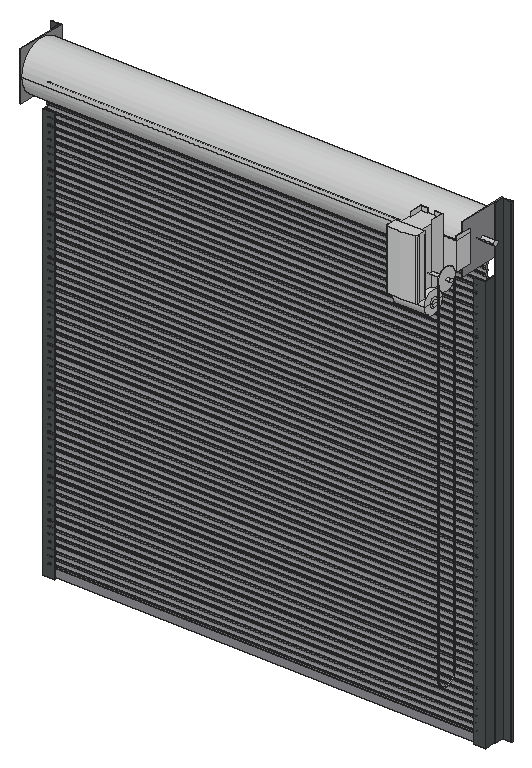
Revit family "Doors_Industrial_Overhead-Door-Corporation_Rolling-Steel-Service-Doors-610_", category Specialty Equipment, host Wall, Revit 2019 (continued)
Definition of nested family "Motor"
  Definition of nested family "2D_NotScalableMain_29e791da-3db9-4234-ab15-44456784202b"
    Lines and regions (in)
      Masking region 1, in view "Ref. Level", visible <- "Not Top + Bench"
        outline origin (0, 0, 0) x (1, 0, 0) y (0, 1, 0)
          loop
            line (4.3324, -5.3122) -> (4.3324, -5.05565) -> (4.116, -5.05565) -> (4.116, -3.22517) -> (4.57, -3.22517) -> (4.57, -1.27241) -> (4.799, -1.27241) -> (4.799, -0.84111) -> (5.199, -0.84111) -> (5.199, 0.79) -> (7.2495, 0.79) -> (7.2495, -1.81) -> (7.52, -1.81) -> (7.52, 0.79) -> (8.82, 0.79) -> (8.82, 1.59) -> (7.52, 1.59) -> (7.52, 4.19) -> (7.2495, 4.19) -> (7.2495, 1.59) -> (4.57, 1.59) -> (4.57, 3.22517) -> (2.988, 3.22517) -> (2.988, 4.96193) -> (-2.988, 4.96193) -> (-2.988, 3.22517) -> (-4.5757, 3.22517) -> (-4.5757, 1.86661) -> (-5.42825, 1.86661) -> (-5.5274, 1.76746) -> (-5.5274, 0.30491) -> (-5.7485, 0.30491) -> (-5.7485, 0.96741) -> (-6.9985, 0.96741) -> (-6.9985, -0.96741)
      Masking region 2, in view "Ref. Level", visible <- "Fire King Face Mount"
        outline origin (0, 0, 0) x (1, 0, 0) y (0, 1, 0)
          loop
            circle (0, 1.59) r 2.87397
          loop
            line (-2.988, 7.80693) -> (-2.988, 4.96193) -> (2.988, 4.96193) -> (2.988, 7.80693) -> (0.82, 7.80693) -> (0.82, 16.89193) -> (0.57, 16.89193) -> (0.57, 7.80693) -> (-2.988, 7.80693)
      Masking region 3, in view "Ref. Level", visible <- "Face Mount"
        outline origin (0, 0, 0) x (1, 0, 0) y (0, 1, 0)
          loop
            line (-3.108, 1.46193) -> (-2.988, 1.46193) -> (-2.988, 4.96193) -> (2.988, 4.96193) -> (2.988, 1.46193) -> (3.108, 1.46193) -> (3.108, 5.08193) -> (7.2495, 5.08193) -> (7.2495, 9.82193) -> (6.8795, 9.82193) -> (6.8795, 5.33193) -> (7.1295, 5.33193) -> (7.1295, 5.20193) -> (-2.988, 5.20193) -> (-2.988, 5.08193) -> (-3.108, 5.08193) -> (-3.108, 1.46193)
      Masking region 4, in view "Ref. Level", visible <- "Top + Bench"
        outline origin (0, 0, 0) x (1, 0, 0) y (0, 1, 0)
          loop
            line (-6.9985, -0.96741) -> (-5.7485, -0.96741) -> (-5.7485, -0.30491) -> (-5.5274, -0.30491) -> (-5.5274, -1.76746) -> (-5.42825, -1.86661) -> (-4.5757, -1.86661) -> (-4.5757, -3.22517) -> (4.57, -3.22517) -> (4.57, -1.27241) -> (4.799, -1.27241) -> (4.799, -0.84111) -> (5.199, -0.84111) -> (5.199, 0.84111) -> (4.799, 0.84111) -> (4.799, 1.27241) -> (4.57, 1.27241) -> (4.57, 3.22034) -> (4.3324, 3.22034) -> (4.3324, 6.13) -> (7.2495, 6.13) -> (7.2495, 3.53) -> (7.52, 3.53) -> (7.52, 6.13) -> (8.82, 6.13) -> (8.82, 6.93) -> (7.52, 6.93) -> (7.52, 9.53) -> (7.2495, 9.53) -> (7.2495, 6.93) -> (4.3324, 6.93) -> (4.3324, 19.24819) -> (3.108, 19.24819) -> (3.108, 20.0298) -> (0.988, 20.0298) -> (0.988, 19.24819) -> (-0.988, 19.24819) -> (-0.988, 20.0298) -> (-3.108, 20.0298) -> (-3.108, 19.24819) -> (-4.3324, 19.24819) -> (-4.3324, 3.22517) -> (-4.5757, 3.22517) -> (-4.5757, 1.86661) -> (-5.42825, 1.86661) -> (-5.5274, 1.76746) -> (-5.5274, 0.30491) -> (-5.7485, 0.30491) -> (-5.7485, 0.96741) -> (-6.9985, 0.96741) -> (-6.9985, -0.96741)
      Masking region 5, in view "Ref. Level", visible <- "Top Mount"
        outline origin (0, 0, 0) x (1, 0, 0) y (0, 1, 0)
          loop
            line (4.3324, 14.55771) -> (4.3324, 6.93) -> (7.2495, 6.93) -> (7.2495, 14.55771) -> (7.1295, 14.55771) -> (7.1295, 15.55771) -> (6.8795, 15.55771) -> (6.8795, 14.55771) -> (4.3324, 14.55771)
      Masking region 6, in view "Ref. Level", visible <- "Wall Mount"
        outline origin (0, 0, 0) x (1, 0, 0) y (0, 1, 0)
          loop
            line (-4.988, 4.96193) -> (-3.108, 4.96193) -> (-3.108, 1.46193) -> (-2.988, 1.46193) -> (-2.988, 5.08193) -> (-4.988, 5.08193) -> (-4.988, 4.96193)
          loop
            line (2.988, 1.46193) -> (3.108, 1.46193) -> (3.108, 4.96193) -> (4.988, 4.96193) -> (4.988, 5.08193) -> (2.988, 5.08193) -> (2.988, 1.46193)
      Masking region 7, in view "Ref. Level", visible <- "Bench Mount"
        outline origin (0, 0, 0) x (1, 0, 0) y (0, 1, 0)
          loop
            line (-7.24, 9.2698) -> (-7.1205, 9.2698) -> (-7.1205, 9.1098) -> (-4.3324, 9.1098) -> (-4.3324, 17.4298) -> (-7.1205, 17.4298) -> (-7.1205, 17.2698) -> (-7.24, 17.2698) -> (-7.24, 9.2698)
      Masking region 8, in view "Ref. Level", visible <- "Chain Hoist"
        outline origin (0, -6.98957, 0) x (1, 0, 0) y (0, 1, 0)
          loop
            line (4.7396, 6.58957) -> (7.2495, 6.58957) -> (7.2495, 3.98957) -> (7.52, 3.98957) -> (7.52, 6.58957) -> (8.82, 6.58957) -> (8.82, 7.38957) -> (7.52, 7.38957) -> (7.52, 9.98957) -> (7.2495, 9.98957) -> (7.2495, 7.38957) -> (4.7396, 7.38957) -> (4.7396, 6.58957)
      reference lines, in view "Ref. Level"
        curve 1: line (0, 0, 0) -> (0, 0.125, 0)
        curve 2: line (0, 0, 0) -> (0.125, 0, 0)
      detail lines, in view "Ref. Level", visible <- "Not Top + Bench"
        curve 3: line (7.2495, 4.19, 0) -> (7.2495, -1.81, 0)
        curve 4: line (7.52, 4.19, 0) -> (7.52, -1.81, 0)
        curve 5: line (-4.134, -2.29347, 0) -> (-4.134, -5.05565, 0)
        curve 6: line (4.116, -2.29347, 0) -> (4.116, -5.05565, 0)
        curve 7: line (-4.134, -2.41307, 0) -> (4.116, -2.41307, 0)
        curve 8: line (4.116, -2.29347, 0) -> (3.108, -2.29347, 0)
        curve 9: line (2.988, -2.17347, 0) -> (2.988, 4.96193, 0)
        curve 10: line (2.988, 4.96193, 0) -> (-2.988, 4.96193, 0)
        curve 11: line (-2.988, 4.96193, 0) -> (-2.988, -2.17347, 0)
        curve 12: arc (-2.988, -2.17347, 0) -> (-3.02315, -2.25832, 0) -> (-3.108, -2.29347, 0) r 0.12
        curve 13: arc (3.108, -2.29347, 0) -> (3.02315, -2.25832, 0) -> (2.988, -2.17347, 0) r 0.12
        curve 14: line (4.57, -3.22517, 0) -> (4.57, 0.77483, 0)
        curve 15: line (4.799, -1.27241, 0) -> (4.799, 0.77483, 0)
        curve 16: line (5.199, -0.84111, 0) -> (5.199, 0.77483, 0)
        curve 17: line (-4.5757, -3.22517, 0) -> (-4.5757, 3.22517, 0)
        curve 18: line (-5.42825, -1.86661, 0) -> (-5.42825, 1.86661, 0)
        curve 19: line (-5.5274, 1.76746, 0) -> (-5.5274, -1.76746, 0)
        curve 20: line (-5.7485, -0.96741, 0) -> (-5.7485, 0.96741, 0)
        curve 25: line (-4.116, -2.29347, 0) -> (-3.108, -2.29347, 0)
        curve 26: line (5.199, 0.77483, 0) -> (2.988, 0.77483, 0)
        curve 27: line (4.57, 1.59, 0) -> (3.108, 1.59, 0)
      detail lines, in view "Ref. Level", visible <- "Fire King Face Mount"
        curve 21: circle (0, 1.59, 0) r 1.29967 normal (0, 0, 1)
        curve 22: circle (0, 1.59, 0) r 0.87193 normal (0, 0, 1)
        curve 23: line (-2.988, 7.80693, 0) -> (2.988, 7.80693, 0)
        curve 24: line (-2.988, 7.685, 0) -> (2.988, 7.685, 0)
      detail lines, in view "Ref. Level", visible <- "Top + Bench"
        curve 28: line (-4.5757, -3.22517, 0) -> (-4.5757, 3.22517, 0)
        curve 29: line (-5.42825, 1.86661, 0) -> (-5.42825, -1.86661, 0)
        curve 30: line (-5.5274, 1.76746, 0) -> (-5.5274, -1.76746, 0)
        curve 31: line (-5.7485, -0.96741, 0) -> (-5.7485, 0.96741, 0)
        curve 32: line (-4.3324, 1.8898, 0) -> (-4.3324, 19.24819, 0)
        curve 33: line (-4.3324, 1.8898, 0) -> (4.3324, 1.8898, 0)
        curve 34: line (4.3324, 1.8898, 0) -> (4.3324, 19.24819, 0)
        curve 35: line (4.57, 3.22517, 0) -> (4.57, -3.22517, 0)
        curve 36: line (4.799, 1.27241, 0) -> (4.799, -1.22759, 0)
        curve 41: line (2.988, 20.0298, 0) -> (2.988, 19.24819, 0)
        curve 42: line (-2.988, 20.0298, 0) -> (-2.988, 19.24819, 0)
        curve 43: line (-3.108, 19.24819, 0) -> (-0.988, 19.24819, 0)
        curve 44: line (0.988, 19.24819, 0) -> (3.108, 19.24819, 0)
      detail lines, in view "Ref. Level", visible <- "Chain Hoist"
        curve 37: line (7.2495, 3, 0) -> (7.2495, -3, 0)
        curve 38: line (7.52, -3, 0) -> (7.52, 3, 0)
      detail lines, in view "Ref. Level", visible <- "Bench Mount"
        curve 39: line (-7.1205, 17.4298, 0) -> (-7.1205, 9.1098, 0)
        curve 40: line (-6.9985, 17.4298, 0) -> (-6.9985, 9.1098, 0)
    Dimensions and locks (in)
      curve 1 to curve 1 = 1/8"
      curve 2 to curve 2 = 1/8"
      aligned and locked: plane 1 "Center (Front/Back)" to curve 1
      aligned and locked: plane 3 "Center (Left/Right)" to curve 1
      aligned and locked: plane 1 "Center (Front/Back)" to curve 2
Definition of nested family "610"
  Parameters (values of type "Perforated - Gray")
    Void Offset [instance] = if(Integrated Cutout, 0", 1")  # 0"
    Void Height [instance] = if(and(C 275, Perforation), 1.155", if(and([F 265, FE 265], Perforation), 2.27", 1"))  # 2.27"
    Standard = no
    Slat Width [instance] = if(Slat Option < 2, 0.53", if(Slat Option = 2, 0.88", 0.63"))  # 0.63"
    Slat Position + Offset [instance] = Slat Position + Cutout Vertical Offset  # 14.044"
    Slat Position [instance] = if(Slat Option < 2, 1.88" * 6, if(Slat Option = 2, 2 3/4" * 5, 2.63" * 5))  # 13.15"
    Slat Option [instance] = 3
    Rough Height = 0"
    Perforation = yes
    Fenestration Small = no
    Fenestration Large = no
    Cutout Width Offset [instance] = 1"  # constant formula
    Cutout Material 2 = none
    Cutout Horizontal Offset [instance] = if(Slat Option = 2, 0.847", 1")  # 1"
    Cutout Material = none
    Panel Material = none
    Opening Width [instance] = 123 5/8"
    Cutout Vertical Offset [instance] = if(Slat Option = 2, 1.59", 0.894")  # 0.894"
    F 265, FE 265 [instance] = if(Slat Option > 2, 1 = 1, 1 = 2)  # yes
    Default Elevation = 48"
    Integrated Cutout [instance] = if(and(Perforation, or(Slat Option = 2, Slat Option = 3)), 1 = 1, if(and(Fenestration Small, Slat Option > 1), 1 = 1, if(and(Fenestration Large, Slat Option > 2), 1 = 1, 1 = 2)))  # yes
    C 275 [instance] = if(Slat Option = 2, 1 = 1, 1 = 2)  # no
    C 187 Standard [instance] = if(Slat Option < 2, 1 = 1, 1 = 2)  # no
    Analytic Construction = "<None>"
  Types (13): name | Void Offset | Void Height | Standard | Slat Width | Slat Position + Offset | Slat Position | Slat Option | Perforation | Fenestration Small | Fenestration Large | F 265, FE 265 | Integrated Cutout | C 187 Standard
    Standard - White | 1" | 1" | yes | 0.53" | 12.174" | 11.28" | 1 | no | no | no | no | no | yes
    Standard - Tan | 1" | 1" | yes | 0.53" | 12.174" | 11.28" | 1 | no | no | no | no | no | yes
    Standard - Brown | 1" | 1" | yes | 0.53" | 12.174" | 11.28" | 1 | no | no | no | no | no | yes
    Standard - Gray | 1" | 1" | yes | 0.53" | 12.174" | 11.28" | 1 | no | no | no | no | no | yes
    Perforated - Gray | 0" | 2.27" | no | 0.63" | 14.044" | 13.15" | 3 | yes | no | no | yes | yes | no
    Fenestration Small - White | 1" | 1" | no | 0.53" | 12.174" | 11.28" | 1 | no | yes | no | no | no | yes
    Fenestration Small - Tan | 1" | 1" | no | 0.53" | 12.174" | 11.28" | 1 | no | yes | no | no | no | yes
    Fenestration Small - Gray | 1" | 1" | no | 0.53" | 12.174" | 11.28" | 1 | no | yes | no | no | no | yes
    Fenestration Small - Brown | 1" | 1" | no | 0.53" | 12.174" | 11.28" | 1 | no | yes | no | no | no | yes
    Fenestration Large - Brown | 1" | 1" | no | 0.53" | 12.174" | 11.28" | 1 | no | no | yes | no | no | yes
    Fenestration Large - White | 1" | 1" | no | 0.53" | 12.174" | 11.28" | 1 | no | no | yes | no | no | yes
    Fenestration Large - Tan | 1" | 1" | no | 0.53" | 12.174" | 11.28" | 1 | no | no | yes | no | no | yes
    Fenestration Large - Gray | 1" | 1" | no | 0.53" | 12.174" | 11.28" | 1 | no | no | yes | no | no | yes
  Reference planes (in)
    plane 1 "Center (Front/Back)": y = 0
    plane 2: z = 0
    plane 3 "Center (Left/Right)": x = 0
    plane 4: x = -61.8125
    plane 5: x = 61.8125
    plane 6: y = 0.63
    plane 7: y = 0
    plane 8: y = 0.315
    plane 9: y = 0.6
    plane 10: x = -60.8125
    plane 11: x = 60.8125
  Forms (in)
    Extrusion 1, solid, material <- "Panel Material", visible <- "C 187 Standard"
      sketch origin (0, -4.98186, 11.30942) x (0, 1, 0) y (0, 0, 1)
        loop
          arc (5.13374, -0.19852) -> (5.22413, 0.04375) -> (4.98186, -0.04664) r 0.14213
          arc (4.98186, -0.04664) -> (5.00563, -0.16042) -> (5.08572, -0.24466) r 0.21243
          arc (5.08572, -0.24466) -> (5.4383, -0.89756) -> (5.02595, -1.51447) r 0.71901
          arc (5.02595, -1.51447) -> (4.97908, -1.58828) -> (5.02595, -1.6621) r 0.08156
          arc (5.02595, -1.6621) -> (5.11263, -1.7164) -> (5.18387, -1.78979) r 0.42621
          arc (5.18387, -1.78979) -> (4.98591, -1.90085) -> (5.06579, -2.11331) r 0.17419
          arc (5.06579, -2.11331) -> (5.43875, -2.76611) -> (5.02595, -3.39447) r 0.71901
          arc (5.02595, -3.39447) -> (4.97908, -3.46828) -> (5.02595, -3.5421) r 0.08156
          arc (5.02595, -3.5421) -> (5.11263, -3.5964) -> (5.18387, -3.66979) r 0.42621
          arc (5.18387, -3.66979) -> (4.98591, -3.78085) -> (5.06579, -3.99331) r 0.17419
          arc (5.06579, -3.99331) -> (5.43875, -4.64611) -> (5.02595, -5.27447) r 0.71901
          arc (5.02595, -5.27447) -> (4.97908, -5.34828) -> (5.02595, -5.4221) r 0.08156
          arc (5.02595, -5.4221) -> (5.11263, -5.4764) -> (5.18387, -5.54979) r 0.42621
          arc (5.18387, -5.54979) -> (4.98591, -5.66085) -> (5.06579, -5.87331) r 0.17419
          arc (5.06579, -5.87331) -> (5.43875, -6.52611) -> (5.02595, -7.15447) r 0.71901
          arc (5.02595, -7.15447) -> (4.97908, -7.22828) -> (5.02595, -7.3021) r 0.08156
          arc (5.02595, -7.3021) -> (5.11263, -7.3564) -> (5.18387, -7.42979) r 0.42621
          arc (5.18387, -7.42979) -> (4.98591, -7.54085) -> (5.06579, -7.75331) r 0.17419
          arc (5.06579, -7.75331) -> (5.43875, -8.40611) -> (5.02595, -9.03447) r 0.71901
          arc (5.02595, -9.03447) -> (4.97908, -9.10828) -> (5.02595, -9.1821) r 0.08156
          arc (5.02595, -9.1821) -> (5.11263, -9.2364) -> (5.18387, -9.30979) r 0.42621
          arc (5.18387, -9.30979) -> (4.98591, -9.42085) -> (5.06579, -9.63331) r 0.17419
          arc (5.06579, -9.63331) -> (5.43875, -10.28611) -> (5.02595, -10.91447) r 0.71901
          arc (5.02595, -10.91447) -> (4.97908, -10.98828) -> (5.02595, -11.0621) r 0.08156
          arc (5.02595, -11.0621) -> (5.11263, -11.1164) -> (5.18387, -11.18979) r 0.42621
          arc (5.18387, -11.18979) -> (4.98464, -11.27401) -> (5.11521, -11.44645) r 0.13704
          arc (5.11521, -11.44645) -> (5.2675, -11.35269) -> (5.24767, -11.17496) r 0.167
          arc (5.24767, -11.17496) -> (5.15003, -11.06824) -> (5.03941, -10.97505) r 1.11641
          arc (5.03941, -10.97505) -> (5.51106, -10.31587) -> (5.13374, -9.59852) r 0.77203
          arc (5.13374, -9.59852) -> (5.27713, -9.47917) -> (5.24767, -9.29496) r 0.18851
          arc (5.24767, -9.29496) -> (5.15003, -9.18824) -> (5.03941, -9.09505) r 1.11641
          arc (5.03941, -9.09505) -> (5.51106, -8.43587) -> (5.13374, -7.71852) r 0.77203
          arc (5.13374, -7.71852) -> (5.27713, -7.59917) -> (5.24767, -7.41496) r 0.18851
          arc (5.24767, -7.41496) -> (5.15003, -7.30824) -> (5.03941, -7.21505) r 1.11641
          arc (5.03941, -7.21505) -> (5.51106, -6.55587) -> (5.13374, -5.83852) r 0.77203
          arc (5.13374, -5.83852) -> (5.27713, -5.71917) -> (5.24767, -5.53496) r 0.18851
          arc (5.24767, -5.53496) -> (5.15003, -5.42824) -> (5.03941, -5.33505) r 1.11641
          arc (5.03941, -5.33505) -> (5.51106, -4.67587) -> (5.13374, -3.95852) r 0.77203
          arc (5.13374, -3.95852) -> (5.27713, -3.83917) -> (5.24767, -3.65496) r 0.18851
          arc (5.24767, -3.65496) -> (5.15003, -3.54824) -> (5.03941, -3.45505) r 1.11641
          arc (5.03941, -3.45505) -> (5.51106, -2.79587) -> (5.13374, -2.07852) r 0.77203
          arc (5.13374, -2.07852) -> (5.27713, -1.95917) -> (5.24767, -1.77496) r 0.18851
          arc (5.24767, -1.77496) -> (5.15003, -1.66824) -> (5.03941, -1.57505) r 1.11641
          arc (5.03941, -1.57505) -> (5.51106, -0.91587) -> (5.13374, -0.19852) r 0.77203
      from -61.8125 to 61.8125
    Extrusion 2, solid, material <- "Panel Material", visible <- "F 265, FE 265"
      sketch origin (0, -4.98186, 13.12534) x (0, 1, 0) y (0, 0, 1)
        loop
          arc (5.02225, -13.3083) -> (5.02946, -13.359) -> (5.06714, -13.39369) r 0.07621
          line (5.06714, -13.39369) -> (5.48892, -13.52622)
          arc (5.48892, -13.52622) -> (5.57147, -13.52307) -> (5.61186, -13.45101) r 0.08448
          line (5.61186, -13.45101) -> (5.61186, -11.01166)
          arc (5.61186, -11.01166) -> (5.58856, -10.95542) -> (5.53233, -10.93213) r 0.07953
          line (5.53233, -10.93213) -> (5.07146, -10.90651)
          arc (5.07146, -10.90651) -> (5.05162, -10.89829) -> (5.0434, -10.87845) r 0.02806
          line (5.0434, -10.87845) -> (5.06714, -10.76816) -> (5.48892, -10.90069)
          arc (5.48892, -10.90069) -> (5.57147, -10.89754) -> (5.61186, -10.82548) r 0.08448
          line (5.61186, -10.82548) -> (5.61186, -8.38613)
          arc (5.61186, -8.38613) -> (5.58856, -8.32989) -> (5.53233, -8.3066) r 0.07953
          line (5.53233, -8.3066) -> (5.07145, -8.28099)
          arc (5.07145, -8.28099) -> (5.05162, -8.27278) -> (5.0434, -8.25295) r 0.02804
          line (5.0434, -8.25295) -> (5.06682, -8.14253) -> (5.48892, -8.27516)
          arc (5.48892, -8.27516) -> (5.57147, -8.27201) -> (5.61186, -8.19995) r 0.08448
          line (5.61186, -8.19995) -> (5.61186, -5.7606)
          arc (5.61186, -5.7606) -> (5.58856, -5.70436) -> (5.53233, -5.68106) r 0.07953
          line (5.53233, -5.68106) -> (5.07146, -5.65544)
          arc (5.07146, -5.65544) -> (5.05162, -5.64722) -> (5.0434, -5.62738) r 0.02806
          line (5.0434, -5.62738) -> (5.06714, -5.51709) -> (5.48892, -5.64963)
          arc (5.48892, -5.64963) -> (5.57147, -5.64648) -> (5.61186, -5.57441) r 0.08448
          line (5.61186, -5.57441) -> (5.61186, -3.13506)
          arc (5.61186, -3.13506) -> (5.58856, -3.07882) -> (5.53233, -3.05553) r 0.07953
          line (5.53233, -3.05553) -> (5.07145, -3.02992)
          arc (5.07145, -3.02992) -> (5.05162, -3.02171) -> (5.0434, -3.00188) r 0.02804
          line (5.0434, -3.00188) -> (5.06682, -2.89146) -> (5.48892, -3.02409)
          arc (5.48892, -3.02409) -> (5.57147, -3.02094) -> (5.61186, -2.94888) r 0.08448
          line (5.61186, -2.94888) -> (5.61186, -0.50953)
          arc (5.61186, -0.50953) -> (5.58856, -0.45329) -> (5.53233, -0.43) r 0.07953
          line (5.53233, -0.43) -> (5.07094, -0.40562)
          arc (5.07094, -0.40562) -> (5.05177, -0.39768) -> (5.04383, -0.37851) r 0.02711
          line (5.04383, -0.37851) -> (5.09718, -0.11725)
          arc (5.09718, -0.11725) -> (5.4945, 0.04334) -> (5.06596, 0.04602) r 0.21842
          line (5.06596, 0.04602) -> (4.98186, -0.36586)
          arc (4.98186, -0.36586) -> (4.99921, -0.43741) -> (5.06536, -0.46972) r 0.08656
          line (5.06536, -0.46972) -> (5.51923, -0.48958)
          arc (5.51923, -0.48958) -> (5.5423, -0.49909) -> (5.55186, -0.52214) r 0.03256
          line (5.55186, -0.52214) -> (5.55186, -2.94108)
          arc (5.55186, -2.94108) -> (5.53961, -2.96526) -> (5.51287, -2.9697) r 0.03
          line (5.51287, -2.9697) -> (5.0787, -2.83327) -> (5.09726, -2.74238)
          arc (5.09726, -2.74238) -> (5.49489, -2.58243) -> (5.06631, -2.57951) r 0.21842
          line (5.06631, -2.57951) -> (4.98186, -2.99139)
          arc (4.98186, -2.99139) -> (4.99921, -3.06294) -> (5.06536, -3.09526) r 0.08656
          line (5.06536, -3.09526) -> (5.51923, -3.11511)
          arc (5.51923, -3.11511) -> (5.5423, -3.12462) -> (5.55186, -3.14767) r 0.03256
          line (5.55186, -3.14767) -> (5.55186, -5.56661)
          arc (5.55186, -5.56661) -> (5.53961, -5.5908) -> (5.51287, -5.59523) r 0.03
          line (5.51287, -5.59523) -> (5.07902, -5.45891) -> (5.09752, -5.36831)
          arc (5.09752, -5.36831) -> (5.49485, -5.20773) -> (5.06631, -5.20505) r 0.21842
          line (5.06631, -5.20505) -> (4.98186, -5.61692)
          arc (4.98186, -5.61692) -> (4.99921, -5.68847) -> (5.06536, -5.72079) r 0.08656
          line (5.06536, -5.72079) -> (5.51923, -5.74064)
          arc (5.51923, -5.74064) -> (5.5423, -5.75015) -> (5.55186, -5.7732) r 0.03256
          line (5.55186, -5.7732) -> (5.55186, -8.19214)
          arc (5.55186, -8.19214) -> (5.53961, -8.21633) -> (5.51287, -8.22076) r 0.03
          line (5.51287, -8.22076) -> (5.0787, -8.08434) -> (5.09726, -7.99345)
          arc (5.09726, -7.99345) -> (5.49489, -7.83349) -> (5.06631, -7.83058) r 0.21842
          line (5.06631, -7.83058) -> (4.98186, -8.24245)
          arc (4.98186, -8.24245) -> (4.99921, -8.31401) -> (5.06536, -8.34632) r 0.08656
          line (5.06536, -8.34632) -> (5.51923, -8.36618)
          arc (5.51923, -8.36618) -> (5.5423, -8.37569) -> (5.55186, -8.39874) r 0.03256
          line (5.55186, -8.39874) -> (5.55186, -10.81768)
          arc (5.55186, -10.81768) -> (5.53961, -10.84186) -> (5.51287, -10.8463) r 0.03
          line (5.51287, -10.8463) -> (5.07902, -10.70997) -> (5.09752, -10.61938)
          arc (5.09752, -10.61938) -> (5.49485, -10.45879) -> (5.06631, -10.45611) r 0.21842
          line (5.06631, -10.45611) -> (4.98186, -10.86799)
          arc (4.98186, -10.86799) -> (4.99921, -10.93954) -> (5.06536, -10.97185) r 0.08656
          line (5.06536, -10.97185) -> (5.51923, -10.99171)
          arc (5.51923, -10.99171) -> (5.5423, -11.00122) -> (5.55186, -11.02427) r 0.03256
          line (5.55186, -11.02427) -> (5.55186, -13.44321)
          arc (5.55186, -13.44321) -> (5.53961, -13.46739) -> (5.51287, -13.47183) r 0.03
          line (5.51287, -13.47183) -> (5.0787, -13.3354) -> (5.09726, -13.24451)
          arc (5.09726, -13.24451) -> (5.49489, -13.08456) -> (5.06631, -13.08164) r 0.21842
          line (5.06631, -13.08164) -> (5.01978, -13.30779)
      from -61.8125 to 61.8125
    Extrusion 3, solid, material <- "Panel Material", visible <- "C 275"
      sketch origin (0, -4.98186, 13.73777) x (0, 1, 0) y (0, 0, 1)
        loop
          line (5.41686, -0.22417) -> (5.41686, 0)
          arc (5.41686, 0) -> (5.05386, 0.17026) -> (5.15503, -0.21771) r 0.22143
          arc (5.15503, -0.21771) -> (5.5057, -0.34124) -> (5.80186, -0.56599) r 1.20236
          line (5.80186, -0.56599) -> (5.80186, -1.74725)
          arc (5.80186, -1.74725) -> (5.49427, -2.09113) -> (5.07676, -2.28744) r 1.15681
          arc (5.07676, -2.28744) -> (4.97768, -2.42727) -> (5.10235, -2.54485) r 0.13061
          arc (5.10235, -2.54485) -> (4.97574, -2.77341) -> (5.15503, -2.96347) r 0.22143
          arc (5.15503, -2.96347) -> (5.5057, -3.08701) -> (5.80186, -3.31176) r 1.20236
          line (5.80186, -3.31176) -> (5.80186, -4.49302)
          arc (5.80186, -4.49302) -> (5.49427, -4.83689) -> (5.07676, -5.03321) r 1.15681
          arc (5.07676, -5.03321) -> (4.97829, -5.17815) -> (5.11266, -5.29063) r 0.13061
          arc (5.11266, -5.29063) -> (4.97511, -5.51807) -> (5.15503, -5.71371) r 0.22143
          arc (5.15503, -5.71371) -> (5.5057, -5.83724) -> (5.80186, -6.06199) r 1.20236
          line (5.80186, -6.06199) -> (5.80186, -7.24326)
          arc (5.80186, -7.24326) -> (5.49427, -7.58713) -> (5.07676, -7.78344) r 1.15681
          arc (5.07676, -7.78344) -> (4.97768, -7.92327) -> (5.10235, -8.04085) r 0.13061
          arc (5.10235, -8.04085) -> (4.97574, -8.26941) -> (5.15503, -8.45948) r 0.22143
          arc (5.15503, -8.45948) -> (5.5057, -8.58301) -> (5.80186, -8.80776) r 1.20236
          line (5.80186, -8.80776) -> (5.80186, -9.98902)
          arc (5.80186, -9.98902) -> (5.49427, -10.33289) -> (5.07676, -10.52921) r 1.15681
          arc (5.07676, -10.52921) -> (4.97829, -10.67415) -> (5.11266, -10.78663) r 0.13061
          arc (5.11266, -10.78663) -> (4.97511, -11.01407) -> (5.15503, -11.20971) r 0.22143
          arc (5.15503, -11.20971) -> (5.5057, -11.33324) -> (5.80186, -11.55799) r 1.20236
          line (5.80186, -11.55799) -> (5.80186, -12.73926)
          arc (5.80186, -12.73926) -> (5.49427, -13.08313) -> (5.07676, -13.27945) r 1.15681
          arc (5.07676, -13.27945) -> (4.97768, -13.41927) -> (5.10235, -13.53685) r 0.13061
          arc (5.10235, -13.53685) -> (5.21569, -13.95826) -> (5.25036, -13.52326) r 0.22143
          line (5.25036, -13.52326) -> (5.07719, -13.43535)
          arc (5.07719, -13.43535) -> (5.0486, -13.38199) -> (5.08882, -13.33673) r 0.0529
          arc (5.08882, -13.33673) -> (5.53574, -13.12633) -> (5.86186, -12.7553) r 1.21407
          line (5.86186, -12.7553) -> (5.86186, -11.53556)
          arc (5.86186, -11.53556) -> (5.65824, -11.34956) -> (5.41686, -11.21617) r 1.17443
          line (5.41686, -11.21617) -> (5.41686, -10.992)
          arc (5.41686, -10.992) -> (5.38383, -10.87566) -> (5.29461, -10.79403) r 0.22143
          line (5.29461, -10.79403) -> (5.07719, -10.68511)
          arc (5.07719, -10.68511) -> (5.0486, -10.63175) -> (5.08882, -10.58649) r 0.0529
          arc (5.08882, -10.58649) -> (5.53574, -10.37609) -> (5.86186, -10.00506) r 1.21407
          line (5.86186, -10.00506) -> (5.86186, -8.78532)
          arc (5.86186, -8.78532) -> (5.65824, -8.59932) -> (5.41686, -8.46594) r 1.17443
          line (5.41686, -8.46594) -> (5.41686, -8.24176)
          arc (5.41686, -8.24176) -> (5.37035, -8.10599) -> (5.25036, -8.02726) r 0.22143
          line (5.25036, -8.02726) -> (5.07719, -7.93935)
          arc (5.07719, -7.93935) -> (5.0486, -7.88599) -> (5.08882, -7.84073) r 0.0529
          arc (5.08882, -7.84073) -> (5.53574, -7.63033) -> (5.86186, -7.2593) r 1.21407
          line (5.86186, -7.2593) -> (5.86186, -6.03956)
          arc (5.86186, -6.03956) -> (5.65824, -5.85356) -> (5.41686, -5.72017) r 1.17443
          line (5.41686, -5.72017) -> (5.41686, -5.496)
          arc (5.41686, -5.496) -> (5.39015, -5.39058) -> (5.31648, -5.31059) r 0.22143
          line (5.31648, -5.31059) -> (5.07719, -5.18911)
          arc (5.07719, -5.18911) -> (5.0486, -5.13575) -> (5.08882, -5.09049) r 0.0529
          arc (5.08882, -5.09049) -> (5.53574, -4.88009) -> (5.86186, -4.50906) r 1.21407
          line (5.86186, -4.50906) -> (5.86186, -3.28932)
          arc (5.86186, -3.28932) -> (5.65824, -3.10332) -> (5.41686, -2.96993) r 1.17443
          line (5.41686, -2.96993) -> (5.41686, -2.74576)
          arc (5.41686, -2.74576) -> (5.37035, -2.60999) -> (5.25036, -2.53126) r 0.22143
          line (5.25036, -2.53126) -> (5.07719, -2.44335)
          arc (5.07719, -2.44335) -> (5.0486, -2.38998) -> (5.08882, -2.34473) r 0.0529
          arc (5.08882, -2.34473) -> (5.53574, -2.13433) -> (5.86186, -1.76329) r 1.21407
          line (5.86186, -1.76329) -> (5.86186, -0.54356)
          arc (5.86186, -0.54356) -> (5.65824, -0.35756) -> (5.41686, -0.22417) r 1.17443
      from -61.8125 to 61.8125
    Extrusion 4, void
      sketch origin (0, 0, 0) x (0, 1, 0) y (0, 0, 1)
        loop
          line (0.57, 2.029) -> (0.57, -0.241) -> (0.63, -0.241) -> (0.63, 2.029) -> (0.57, 2.029)
        loop
          line (0.57, 4.659) -> (0.57, 2.389) -> (0.63, 2.389) -> (0.63, 4.659) -> (0.57, 4.659)
        loop
          line (0.57, 7.289) -> (0.57, 5.019) -> (0.63, 5.019) -> (0.63, 7.289) -> (0.57, 7.289)
        loop
          line (0.57, 9.919) -> (0.57, 7.649) -> (0.63, 7.649) -> (0.63, 9.919) -> (0.57, 9.919)
        loop
          line (0.57, 12.549) -> (0.57, 10.279) -> (0.63, 10.279) -> (0.63, 12.549) -> (0.57, 12.549)
      from -60.8125 to 60.8125
  Cuts and joins
    Extrusion 4 cuts Extrusion 3
    Extrusion 4 cuts Extrusion 2
  Lines and regions (in)
    reference lines
      curve 1: line (0, -4.98186, 12.78) -> (0, 10.0877, 12.78)
      curve 2: line (0, -2.86663, 14.044) -> (0, 7.73337, 14.044)
      curve 3: line (0, -2.86663, 11.414) -> (0, 7.73337, 11.414)
      curve 4: line (0, -2.86663, 8.784) -> (0, 7.73337, 8.784)
      curve 5: line (0, -2.86663, 6.154) -> (0, 7.73337, 6.154)
      curve 6: line (0, -2.86663, 0.894) -> (0, 7.73337, 0.894)
      curve 7: line (0, -2.86663, 3.524) -> (0, 7.73337, 3.524)
  Dimensions and locks (in)
    equal spacing: plane 4, plane 3 "Center (Left/Right)", plane 5
    "Opening Width": plane 4 to plane 5
    "Slat Width": plane 1 "Center (Front/Back)" to plane 6
    equal spacing: plane 1 "Center (Front/Back)", plane 8, plane 6
    locked: plane 9 to plane 6 at 0.03
    "Cutout Width Offset": plane 4 to plane 10
    "Cutout Width Offset": plane 5 to plane 11
    "Void Height": Extrusion 4 sketch curve to Extrusion 4 sketch curve  (x5)
    locked: Extrusion 4 sketch curve to Extrusion 4 sketch curve at 0.06  (x5)
    "Void Offset": plane 6 to Extrusion 4 sketch curve
    locked: curve 1 to level at 12.78
    "Slat Position": curve 6 to curve 2
    equal spacing: Extrusion 4 sketch curve, curve 3, Extrusion 4 sketch curve
    equal spacing: Extrusion 4 sketch curve, curve 4, Extrusion 4 sketch curve
    equal spacing: Extrusion 4 sketch curve, curve 6, Extrusion 4 sketch curve
    equal spacing: Extrusion 4 sketch curve, curve 5, Extrusion 4 sketch curve
    equal spacing: curve 6, curve 7, curve 5, curve 4, curve 3, curve 2
    equal spacing: Extrusion 4 sketch curve, curve 7, Extrusion 4 sketch curve
    "Cutout Vertical Offset": curve 6 to plane 2
    aligned and locked: plane 2 to level
    aligned and locked: plane 1 "Center (Front/Back)" to plane 7
    aligned and locked: plane 5 to Extrusion 1
    aligned and locked: plane 4 to Extrusion 1
    aligned and locked: plane 5 to Extrusion 2
    aligned and locked: plane 4 to Extrusion 2
    aligned and locked: plane 5 to Extrusion 3
    aligned and locked: plane 4 to Extrusion 3
    aligned and locked: plane 9 to nested 1
    aligned and locked: plane 3 "Center (Left/Right)" to nested 1
    aligned and locked: Extrusion 4 sketch curve to Extrusion 4 sketch curve  (x4)
    aligned and locked: plane 10 to Extrusion 4
    aligned and locked: plane 11 to Extrusion 4
    aligned and locked: plane 3 "Center (Left/Right)" to nested 2
    aligned and locked: plane 3 "Center (Left/Right)" to nested 3
    aligned and locked: plane 3 "Center (Left/Right)" to nested 4
    aligned and locked: plane 3 "Center (Left/Right)" to nested 5
    aligned and locked: plane 9 to nested 2
    aligned and locked: plane 9 to nested 3
    aligned and locked: plane 9 to nested 4
    aligned and locked: plane 9 to nested 5
  Automatic sketch dimensions
    curve 1 to Extrusion 1 sketch curve = 4.37692"  (x2)
    Extrusion 1 sketch curve to Extrusion 1 sketch curve = 0"  (x24)
    Extrusion 1 sketch curve to Extrusion 1 sketch curve = 0.34316"  (x6)
    Extrusion 1 sketch curve to Extrusion 1 sketch curve = 0.02075"  (x6)
    Extrusion 1 sketch curve to Extrusion 1 sketch curve = 0.46772"  (x6)
    Extrusion 1 sketch curve to Extrusion 1 sketch curve = 0.21601"  (x6)
    Extrusion 1 sketch curve to Extrusion 1 sketch curve = 0.25599"  (x5)
    Extrusion 1 sketch curve to Extrusion 1 sketch curve = 0.27238"
    Extrusion 1 sketch curve to Extrusion 1 sketch curve = 0.0004"
    Extrusion 1 sketch curve to Extrusion 1 sketch curve = 49/128"
    Extrusion 1 sketch curve to Extrusion 1 sketch curve = 0.04891"  (x5)
    Extrusion 1 sketch curve to Extrusion 1 sketch curve = 0.07012"
    Extrusion 1 sketch curve to curve 1 = 13.34422"
    Extrusion 1 sketch curve to Extrusion 1 sketch curve = 0.42583"  (x6)
    Extrusion 1 sketch curve to Extrusion 1 sketch curve = 0.1384"
    Extrusion 1 sketch curve to Extrusion 1 sketch curve = 0.02995"
    Extrusion 1 sketch curve to Extrusion 1 sketch curve = 0.29119"
    Extrusion 1 sketch curve to Extrusion 1 sketch curve = 0.72453"  (x6)
    Extrusion 1 sketch curve to Extrusion 1 sketch curve = 0.00067"  (x6)
    Extrusion 1 sketch curve to Extrusion 1 sketch curve = 0.27011"  (x5)
    Extrusion 1 sketch curve to Extrusion 1 sketch curve = 0.08724"  (x5)
    Extrusion 1 sketch curve to Extrusion 1 sketch curve = 0.06764"  (x5)
    Extrusion 1 sketch curve to Extrusion 1 sketch curve = 0.30465"  (x5)
    Extrusion 1 sketch curve to Extrusion 1 sketch curve = 0.80134"
    Extrusion 1 sketch curve to Extrusion 1 sketch curve = 0.005"
    Extrusion 1 sketch curve to Extrusion 1 sketch curve = 0.14177"
    Extrusion 1 sketch curve to Extrusion 1 sketch curve = 0.0347"  (x8)
    Extrusion 1 sketch curve to Extrusion 1 sketch curve = 0.02124"  (x6)
    Extrusion 1 sketch curve to Extrusion 1 sketch curve = 0.00181"
    Extrusion 1 sketch curve to Extrusion 1 sketch curve = 0.06794"  (x5)
    Extrusion 1 sketch curve to Extrusion 1 sketch curve = 0.04801"
    Extrusion 1 sketch curve to Extrusion 1 sketch curve = 0.0638"  (x2)
    curve 1 to Extrusion 2 sketch curve = 4.98186"  (x2)
    Extrusion 2 sketch curve to Extrusion 2 sketch curve = 0"  (x4)
    curve 1 to Extrusion 2 sketch curve = 0.02051"
    curve 1 to Extrusion 2 sketch curve = 2.64604"
    Extrusion 2 sketch curve to Extrusion 2 sketch curve = 0.06154"  (x4)
    curve 1 to Extrusion 2 sketch curve = 0.03317"
    Extrusion 2 sketch curve to Extrusion 2 sketch curve = 0.06197"
    curve 1 to Extrusion 2 sketch curve = 0.12438"
    Extrusion 2 sketch curve to Extrusion 2 sketch curve = 0.02153"
    Extrusion 2 sketch curve to Extrusion 2 sketch curve = 0.02196"  (x4)
    curve 1 to Extrusion 2 sketch curve = 2.74991"
    Extrusion 2 sketch curve to curve 1 = 0.39136"
    Extrusion 2 sketch curve to Extrusion 2 sketch curve = 0.0841"
    Extrusion 2 sketch curve to Extrusion 2 sketch curve = 0.02327"  (x4)
    Extrusion 2 sketch curve to Extrusion 2 sketch curve = 3/128"  (x2)
    Extrusion 2 sketch curve to Extrusion 2 sketch curve = 0.02374"  (x2)
    Extrusion 2 sketch curve to Extrusion 2 sketch curve = 0.00178"
    curve 1 to Extrusion 2 sketch curve = 0.06028"
    curve 1 to Extrusion 2 sketch curve = 2.68458"
    Extrusion 2 sketch curve to Extrusion 2 sketch curve = 0.00478"  (x2)
    Extrusion 2 sketch curve to Extrusion 2 sketch curve = 0.00479"  (x2)
    Extrusion 2 sketch curve to Extrusion 2 sketch curve = 0.01188"  (x4)
    curve 1 to Extrusion 2 sketch curve = 2.48793"
    Extrusion 2 sketch curve to Extrusion 2 sketch curve = 0.01156"
    Extrusion 2 sketch curve to Extrusion 2 sketch curve = 0.01822"
    Extrusion 2 sketch curve to curve 1 = 0.2281"
    Extrusion 2 sketch curve to Extrusion 2 sketch curve = 0.03122"
    curve 1 to Extrusion 2 sketch curve = 2.39704"
    Extrusion 2 sketch curve to Extrusion 2 sketch curve = 0.01856"  (x2)
    Extrusion 2 sketch curve to Extrusion 2 sketch curve = 0.00034"  (x6)
    Extrusion 2 sketch curve to Extrusion 2 sketch curve = 0.0185"  (x2)
    Extrusion 2 sketch curve to Extrusion 2 sketch curve = 0.18279"  (x3)
    Extrusion 2 sketch curve to Extrusion 2 sketch curve = 0.18305"  (x3)
    Extrusion 2 sketch curve to Extrusion 2 sketch curve = 0.41746"  (x2)
    Extrusion 2 sketch curve to Extrusion 2 sketch curve = 0.392"
    Extrusion 2 sketch curve to Extrusion 2 sketch curve = 0.41747"  (x2)
    curve 1 to Extrusion 2 sketch curve = 2.67875"
    Extrusion 2 sketch curve to Extrusion 2 sketch curve = 0.02395"  (x5)
    curve 1 to Extrusion 2 sketch curve = 2.62435"
    Extrusion 2 sketch curve to Extrusion 2 sketch curve = 0.03031"  (x4)
    curve 1 to Extrusion 2 sketch curve = 0.14423"
    Extrusion 2 sketch curve to Extrusion 2 sketch curve = 0.45387"
    Extrusion 2 sketch curve to Extrusion 2 sketch curve = 0.00007"  (x5)
    Extrusion 2 sketch curve to Extrusion 2 sketch curve = 0.00899"  (x5)
    Extrusion 2 sketch curve to Extrusion 2 sketch curve = 0.00552"  (x5)
    Extrusion 2 sketch curve to Extrusion 2 sketch curve = 0.04341"  (x3)
    Extrusion 2 sketch curve to Extrusion 2 sketch curve = 0.01303"  (x2)
    curve 1 to Extrusion 2 sketch curve = 2.71019"
    Extrusion 2 sketch curve to Extrusion 2 sketch curve = 5/256"  (x2)
    Extrusion 2 sketch curve to Extrusion 2 sketch curve = 0.02448"  (x3)
    Extrusion 2 sketch curve to Extrusion 2 sketch curve = 0.06"  (x5)
    Extrusion 2 sketch curve to Extrusion 2 sketch curve = 0.01261"  (x2)
    Extrusion 2 sketch curve to Extrusion 2 sketch curve = 2.10108"  (x4)
    Extrusion 2 sketch curve to Extrusion 2 sketch curve = 0.11957"  (x2)
    Extrusion 2 sketch curve to Extrusion 2 sketch curve = 0.09059"  (x2)
    Extrusion 2 sketch curve to Extrusion 2 sketch curve = 0.05819"  (x4)
    Extrusion 2 sketch curve to Extrusion 2 sketch curve = 1/128"  (x4)
    Extrusion 2 sketch curve to Extrusion 2 sketch curve = 0.09983"  (x2)
    Extrusion 2 sketch curve to Extrusion 2 sketch curve = 0.01046"  (x2)
    Extrusion 2 sketch curve to Extrusion 2 sketch curve = 0.00686"  (x2)
    Extrusion 2 sketch curve to Extrusion 2 sketch curve = 0.03144"  (x3)
    Extrusion 2 sketch curve to Extrusion 2 sketch curve = 0.01995"  (x3)
    Extrusion 2 sketch curve to Extrusion 2 sketch curve = 0.11917"  (x3)
    Extrusion 2 sketch curve to Extrusion 2 sketch curve = 0.09089"
    Extrusion 2 sketch curve to Extrusion 2 sketch curve = 0.09993"
    Extrusion 2 sketch curve to Extrusion 2 sketch curve = 0.01049"
    Extrusion 2 sketch curve to Extrusion 2 sketch curve = 0.00683"
    Extrusion 2 sketch curve to Extrusion 2 sketch curve = 0.07903"
    Extrusion 2 sketch curve to Extrusion 2 sketch curve = 0.01186"
    Extrusion 2 sketch curve to Extrusion 2 sketch curve = 0.05829"
    Extrusion 2 sketch curve to Extrusion 2 sketch curve = 0.05892"
    Extrusion 2 sketch curve to Extrusion 2 sketch curve = 0.00247"
    curve 1 to Extrusion 2 sketch curve = 4.8597"
    Extrusion 2 sketch curve to Extrusion 2 sketch curve = 0.0313"  (x2)
    Extrusion 2 sketch curve to Extrusion 2 sketch curve = 0.03156"
    curve 1 to Extrusion 2 sketch curve = 2.23417"
    Extrusion 2 sketch curve to Extrusion 2 sketch curve = 0.0005"
    Extrusion 3 sketch curve to Extrusion 3 sketch curve = 0"  (x17)
    curve 1 to Extrusion 3 sketch curve = 4.80317"
    curve 1 to Extrusion 3 sketch curve = 0.20569"
    Extrusion 3 sketch curve to Extrusion 3 sketch curve = 0.0028"  (x5)
    Extrusion 3 sketch curve to Extrusion 3 sketch curve = 0.12969"  (x5)
    Extrusion 3 sketch curve to Extrusion 3 sketch curve = 0.03778"  (x5)
    Extrusion 3 sketch curve to Extrusion 3 sketch curve = 0.14152"  (x5)
    curve 1 to Extrusion 3 sketch curve = 1.48558"
    Extrusion 3 sketch curve to Extrusion 3 sketch curve = 0.02395"  (x5)
    Extrusion 3 sketch curve to Extrusion 3 sketch curve = 0.00651"  (x5)
    Extrusion 3 sketch curve to Extrusion 3 sketch curve = 0.11824"  (x5)
    Extrusion 3 sketch curve to Extrusion 3 sketch curve = 0.38946"
    Extrusion 3 sketch curve to Extrusion 3 sketch curve = 0.14271"  (x3)
    curve 1 to Extrusion 3 sketch curve = 1.57349"
    Extrusion 3 sketch curve to Extrusion 3 sketch curve = 0.09917"
    Extrusion 3 sketch curve to Extrusion 3 sketch curve = 0.12104"
    Extrusion 3 sketch curve to Extrusion 3 sketch curve = 0.22143"  (x5)
    Extrusion 3 sketch curve to Extrusion 3 sketch curve = 0.385"  (x4)
    Extrusion 3 sketch curve to Extrusion 3 sketch curve = 0.86619"
    Extrusion 3 sketch curve to Extrusion 3 sketch curve = 0.06"  (x5)
    Extrusion 3 sketch curve to Extrusion 3 sketch curve = 0.22417"  (x5)
    Extrusion 3 sketch curve to Extrusion 3 sketch curve = 0.31939"  (x4)
    Extrusion 3 sketch curve to Extrusion 3 sketch curve = 0.02243"  (x5)
    Extrusion 3 sketch curve to Extrusion 3 sketch curve = 0.14822"  (x4)
    Extrusion 3 sketch curve to Extrusion 3 sketch curve = 0.00061"  (x5)
    Extrusion 3 sketch curve to Extrusion 3 sketch curve = 0.08821"  (x5)
    Extrusion 3 sketch curve to Extrusion 3 sketch curve = 0.34736"  (x4)
    Extrusion 3 sketch curve to Extrusion 3 sketch curve = 0.01604"  (x5)
    Extrusion 3 sketch curve to Extrusion 3 sketch curve = 0.64892"  (x4)
    Extrusion 3 sketch curve to Extrusion 3 sketch curve = 0.01817"  (x5)
    Extrusion 3 sketch curve to Extrusion 3 sketch curve = 0.029"  (x4)
    Extrusion 3 sketch curve to Extrusion 3 sketch curve = 0.13791"
    Extrusion 3 sketch curve to Extrusion 3 sketch curve = 0.21451"
    curve 1 to Extrusion 3 sketch curve = 0.80553"
    Extrusion 3 sketch curve to Extrusion 3 sketch curve = 0.23644"
    Extrusion 3 sketch curve to curve 1 = 0.39177"
    Extrusion 3 sketch curve to Extrusion 3 sketch curve = 0.02516"  (x2)
    Extrusion 3 sketch curve to Extrusion 3 sketch curve = 0.03547"  (x2)
    plane 1 "Center (Front/Back)" to curve 1 = 4.98186"
    plane 1 "Center (Front/Back)" to curve 7 = 2.86663"
    curve 1 to curve 2 = 2.11523"
    curve 5 to curve 7 = 0"
    curve 3 to curve 2 = 0"  (x2)
    curve 6 to curve 7 = 0"
    curve 4 to curve 3 = 0"
    curve 2 to plane 6 = 7.10337"
    curve 5 to plane 6 = 7.10337"
    curve 4 to curve 5 = 0"
    curve 6 to curve 5 = 0"
    curve 7 to curve 5 = 0"
    curve 2 to curve 1 = 2.35433"
  Nested families (in)
    nested 1: "Perforation" at (0, 0.6, 0.894), visible <- "Integrated Cutout", type "Perforation"
      with Offset 1", Height 2.27"
    nested 2: "Perforation" at (0, 0.6, 3.524), visible <- "Integrated Cutout", type "Perforation"
      with Offset 1", Height 2.27"
    nested 3: "Perforation" at (0, 0.6, 6.154), visible <- "Integrated Cutout", type "Perforation"
      with Offset 1", Height 2.27"
    nested 4: "Perforation" at (0, 0.6, 8.784), visible <- "Integrated Cutout", type "Perforation"
      with Offset 1", Height 2.27"
    nested 5: "Perforation" at (0, 0.6, 11.414), visible <- "Integrated Cutout", type "Perforation"
      with Offset 1", Height 2.27"
  Definition of nested family "Perforation"
    Parameters (values of type "Perforation")
      Perforation = none
      Opening Width = 123 5/8"
      Offset = 2"
      Height = 1"
      Default Elevation = 48"
    Reference planes (in)
      plane 1 "Center (Front/Back)": y = 0
      plane 2: z = 0
      plane 3 "Center (Left/Right)": x = 0
      plane 4: z = 0.5
      plane 5: z = -0.5
      plane 6: y = -0.03
      plane 7: y = 0.03
      plane 8: x = -61.8125
      plane 9: x = 61.8125
      plane 10: x = -59.8125
      plane 11: x = 59.8125
    Forms (in)
      Extrusion 1, solid, material <- "Perforation"
        sketch origin (0, -0.19, 0) x (0, 1, 0) y (0, 0, 1)
          loop
            line (0.16, 0.5) -> (0.16, -0.5) -> (0.22, -0.5) -> (0.22, 0.5) -> (0.16, 0.5)
        from -59.8125 to 59.8125
    Dimensions and locks (in)
      equal spacing: plane 4, level, plane 5
      "Height": plane 4 to plane 5
      equal spacing: plane 6, plane 1 "Center (Front/Back)", plane 7
      locked: plane 6 to plane 7 at 0.06
      "Opening Width": plane 8 to plane 9
      "Offset": plane 8 to plane 10
      "Offset": plane 9 to plane 11
      equal spacing: plane 8, plane 3 "Center (Left/Right)", plane 9
      aligned and locked: plane 2 to level
      aligned and locked: plane 4 to Extrusion 1
      aligned and locked: Extrusion 1 to plane 5
      aligned and locked: plane 6 to Extrusion 1
      aligned and locked: plane 7 to Extrusion 1
      aligned and locked: Extrusion 1 to plane 10
      aligned and locked: plane 11 to Extrusion 1
    Automatic sketch dimensions
      Extrusion 1 sketch curve to level = 1/2"
      plane 1 "Center (Front/Back)" to Extrusion 1 sketch curve = 0.03"
      Extrusion 1 sketch curve to plane 1 "Center (Front/Back)" = 0.03"
      plane 4 to Extrusion 1 sketch curve = 0"
Definition of nested family "Label Annotation 1"
  Parameters (values of type "Label Annotation 1-8")
    Label = "Area is too big. Please reduce Door Size."
  Reference planes (in)
    plane 1: y = 0
    plane 2: x = 0
  Text (in)
    label "Label" at (0.00375, -0.00345, 0), shows "Label"
Definition of nested family "Warning Sign"
  Parameters (values of type "Warning Sign")
    Warning Sign [instance] = no
    Default Elevation = 48"
  Reference planes (in)
    plane 1 "Center (Front/Back)": y = 0
    plane 2: z = 0
    plane 3 "Center (Left/Right)": x = 0
    plane 4: y = 0.5
    plane 5: y = -0.5
    plane 6: y = 1
    plane 7: y = 0.25
  Lines and regions (in)
    model lines
      curve 1: line (-2.26129, 1, 45.69444) -> (-26.3817, 1, 3.91667)
      curve 2: line (-25.25106, 1, 3.26389) -> (-1.13064, 1, 45.04167)
      curve 3: arc (2.26129, 1, 45.69444) -> (0, 1, 47) -> (-2.26129, 1, 45.69444) r 2.61111
      curve 4: arc (-1.13064, 1, 45.04167) -> (0, 1, 45.69444) -> (1.13064, 1, 45.04167) r 1.30556
      curve 5: line (1.13064, 1, 45.04167) -> (25.25106, 1, 3.26389)
      curve 6: line (26.3817, 1, 3.91667) -> (2.26129, 1, 45.69444)
      curve 7: arc (25.25106, 1, 3.26389) -> (25.25106, 1, 1.95833) -> (24.12041, 1, 1.30556) r 1.30556
      curve 8: arc (24.12041, 1, 0) -> (26.3817, 1, 1.30556) -> (26.3817, 1, 3.91667) r 2.61111
      curve 9: line (24.12041, 1, 1.30556) -> (-24.12041, 1, 1.30556)
      curve 10: line (-24.12041, 1, 0) -> (24.12041, 1, 0)
      curve 11: arc (-24.12041, 1, 1.30556) -> (-25.25106, 1, 1.95833) -> (-25.25106, 1, 3.26389) r 1.30556
      curve 12: arc (-26.3817, 1, 3.91667) -> (-26.3817, 1, 1.30556) -> (-24.12041, 1, 0) r 2.61111
      curve 13: arc (-2.29479, 1, 8.63537) -> (0, 1, 6.34057) -> (2.29479, 1, 8.63537) r 2.29479
      curve 14: arc (2.29479, 1, 8.63537) -> (0, 1, 10.93016) -> (-2.29479, 1, 8.63537) r 2.29479
      curve 15: arc (-1.6331, 1, 13.97069) -> (0.03439, 1, 12.53727) -> (1.69278, 1, 13.98121) r 1.68043
      curve 16: line (-3.77413, 1, 28.37873) -> (-1.6331, 1, 13.97069)
      curve 17: line (1.69278, 1, 13.98121) -> (3.73924, 1, 28.37873)
      curve 18: arc (3.73924, 1, 28.37873) -> (-0.01745, 1, 32.13541) -> (-3.77413, 1, 28.37873) r 3.75668
      curve 19: line (-2.26129, -0.5, 45.69444) -> (-26.3817, -0.5, 3.91667)
      curve 20: line (-25.25106, -0.5, 3.26389) -> (-1.13064, -0.5, 45.04167)
      curve 21: arc (2.26129, -0.5, 45.69444) -> (0, -0.5, 47) -> (-2.26129, -0.5, 45.69444) r 2.61111
      curve 22: arc (-1.13064, -0.5, 45.04167) -> (0, -0.5, 45.69444) -> (1.13064, -0.5, 45.04167) r 1.30556
      curve 23: line (1.13064, -0.5, 45.04167) -> (25.25106, -0.5, 3.26389)
      curve 24: line (26.3817, -0.5, 3.91667) -> (2.26129, -0.5, 45.69444)
      curve 25: arc (25.25106, -0.5, 3.26389) -> (25.25106, -0.5, 1.95833) -> (24.12041, -0.5, 1.30556) r 1.30556
      curve 26: arc (24.12041, -0.5, 0) -> (26.3817, -0.5, 1.30556) -> (26.3817, -0.5, 3.91667) r 2.61111
      curve 27: line (24.12041, -0.5, 1.30556) -> (-24.12041, -0.5, 1.30556)
      curve 28: line (-24.12041, -0.5, 0) -> (24.12041, -0.5, 0)
      curve 29: arc (-24.12041, -0.5, 1.30556) -> (-25.25106, -0.5, 1.95833) -> (-25.25106, -0.5, 3.26389) r 1.30556
      curve 30: arc (-26.3817, -0.5, 3.91667) -> (-26.3817, -0.5, 1.30556) -> (-24.12041, -0.5, 0) r 2.61111
      curve 31: arc (-2.29479, -0.5, 8.63537) -> (0, -0.5, 6.34057) -> (2.29479, -0.5, 8.63537) r 2.29479
      curve 32: arc (2.29479, -0.5, 8.63537) -> (0, -0.5, 10.93016) -> (-2.29479, -0.5, 8.63537) r 2.29479
      curve 33: arc (-1.6331, -0.5, 13.97069) -> (0.03439, -0.5, 12.53727) -> (1.69278, -0.5, 13.98121) r 1.68043
      curve 34: line (-3.77413, -0.5, 28.37873) -> (-1.6331, -0.5, 13.97069)
      curve 35: line (1.69278, -0.5, 13.98121) -> (3.73924, -0.5, 28.37873)
      curve 36: arc (3.73924, -0.5, 28.37873) -> (-0.01745, -0.5, 32.13541) -> (-3.77413, -0.5, 28.37873) r 3.75668
  Dimensions and locks (in)
    locked: plane 1 "Center (Front/Back)" to plane 4 at 0.5
    equal spacing: plane 1 "Center (Front/Back)", plane 7, plane 4
    locked: plane 4 to plane 6 at 0.5
    locked: plane 5 to plane 1 "Center (Front/Back)" at 0.5
    aligned and locked: plane 2 to level
  Automatic sketch dimensions
    curve 21 to curve 22 = 0"  (x2)
    curve 25 to curve 26 = 0"  (x2)
    curve 29 to curve 30 = 0"  (x2)
    curve 31 to curve 32 = 0"  (x2)
    curve 21 to plane 3 "Center (Left/Right)" = 0"
    curve 31 to plane 3 "Center (Left/Right)" = 0"
    curve 30 to level = 0"
    level to curve 27 = 1.30556"
    curve 26 to curve 27 = 1.30556"
    curve 29 to curve 27 = 1.30556"
    curve 23 to curve 25 = 0.65278"
    curve 20 to curve 29 = 0.65278"
    curve 24 to curve 23 = 0.65278"
    curve 19 to curve 20 = 0.65278"
    level to curve 32 = 8.63537"
    curve 34 to plane 3 "Center (Left/Right)" = 1.6331"
    curve 34 to curve 31 = 5.33532"
    plane 3 "Center (Left/Right)" to curve 35 = 1.69278"
    curve 35 to curve 34 = 0.01052"
    plane 3 "Center (Left/Right)" to curve 33 = 0.02908"
    curve 36 to plane 3 "Center (Left/Right)" = 0.01745"
    curve 36 to curve 33 = 14.16104"
    curve 22 to curve 36 = 16.01016"
    plane 3 "Center (Left/Right)" to curve 23 = 1.13064"
    curve 23 to curve 21 = 0.65278"
    curve 20 to plane 3 "Center (Left/Right)" = 1.13064"
    plane 3 "Center (Left/Right)" to curve 24 = 2.26129"
    curve 24 to curve 22 = 0.65278"
    curve 19 to plane 3 "Center (Left/Right)" = 2.26129"
    curve 34 to curve 36 = 3.75668"
    curve 30 to plane 3 "Center (Left/Right)" = 24.12041"
    plane 3 "Center (Left/Right)" to curve 25 = 24.12041"
    curve 31 to curve 31 = 2.29479"
    curve 3 to curve 4 = 0"  (x2)
    curve 7 to curve 8 = 0"  (x2)
    curve 11 to curve 12 = 0"  (x2)
    curve 13 to curve 14 = 0"  (x2)
    curve 3 to plane 3 "Center (Left/Right)" = 0"
    curve 13 to plane 3 "Center (Left/Right)" = 0"
    curve 12 to level = 0"
    level to curve 9 = 1.30556"
    curve 8 to curve 9 = 1.30556"
    curve 11 to curve 9 = 1.30556"
    curve 5 to curve 7 = 0.65278"
    curve 2 to curve 11 = 0.65278"
    curve 6 to curve 5 = 0.65278"
    curve 1 to curve 2 = 0.65278"
    level to curve 14 = 8.63537"
    curve 16 to plane 3 "Center (Left/Right)" = 1.6331"
    curve 16 to curve 13 = 5.33532"
    plane 3 "Center (Left/Right)" to curve 17 = 1.69278"
    curve 17 to curve 16 = 0.01052"
    plane 3 "Center (Left/Right)" to curve 15 = 0.02908"
    curve 18 to plane 3 "Center (Left/Right)" = 0.01745"
    curve 18 to curve 15 = 14.16104"
    curve 4 to curve 18 = 16.01016"
    plane 3 "Center (Left/Right)" to curve 5 = 1.13064"
    curve 5 to curve 3 = 0.65278"
    curve 2 to plane 3 "Center (Left/Right)" = 1.13064"
    plane 3 "Center (Left/Right)" to curve 6 = 2.26129"
    curve 6 to curve 4 = 0.65278"
    curve 1 to plane 3 "Center (Left/Right)" = 2.26129"
    curve 16 to curve 18 = 3.75668"
    curve 12 to plane 3 "Center (Left/Right)" = 24.12041"
    plane 3 "Center (Left/Right)" to curve 7 = 24.12041"
    curve 13 to curve 13 = 2.29479"
Types (6): name | Voltage | Operator Visibility | Number of Poles | Hood Offset | Headroom Height Real | Headroom Height | Door Height True | Door Height (Real) | Floor To (CL) of Shaft | Chain Hoist or Manual | Connector Array | Calculated Area | Apparent Load Phase 3 | Apparent Load Phase 2 | Apparent Load Phase 1
  115 volts, one phase, 60 Hz (110-120V range) | 115 V | yes | 1 | 5" | 19" | 19" | 139" | 125" | 132" | no | 3 | 104.601 SF | 0 VA | 0 VA | 2300 VA
  Chain Hoist | 115 V | yes | 1 | 3" | 17" | 17" | 137" | 123" | 130" | yes | 2 | 102.927 SF | 0 VA | 0 VA | 2300 VA
  Manual push-up | 115 V | no | 1 | 3" | 17" | 17" | 137" | 123" | 130" | yes | 2 | 102.927 SF | 0 VA | 0 VA | 2300 VA
  230 volts, three phase, 60 Hz (208-245V range) | 230 V | yes | 3 | 5" | 19" | 19" | 139" | 125" | 132" | no | 3 | 104.601 SF | 2655.81 VA | 2655.81 VA | 2655.81 VA
  230 volts, single phase, 60 Hz (208-245V range) | 230 V | yes | 1 | 5" | 19" | 19" | 139" | 125" | 132" | no | 3 | 104.601 SF | 0 VA | 0 VA | 4600 VA
  460 volts, three phase, 60 Hz (456-495V range) | 460 V | yes | 3 | 5" | 19" | 19" | 139" | 125" | 132" | no | 3 | 104.601 SF | 5311.62 VA | 5311.62 VA | 5311.62 VA
